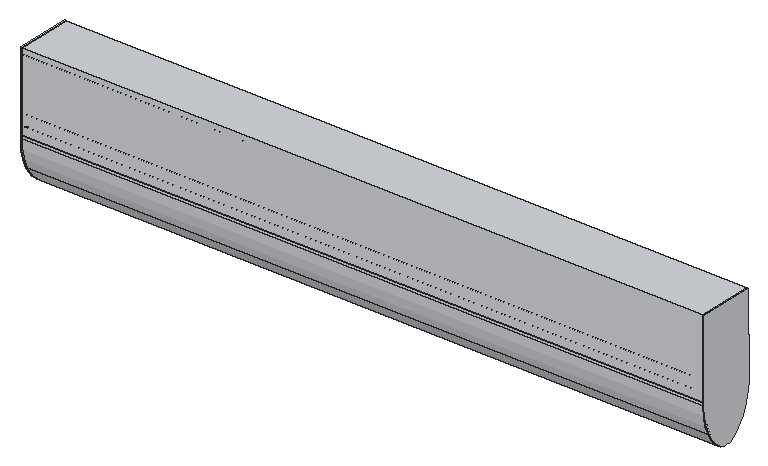
Revit family "CRTD-3523", category Lighting Fixtures, host Ceiling, Revit 2019
Family settings
  Host = Ceiling
  Round Connector Dimension = Use Diameter
  Part Type = Normal
  OmniClass Number = 23.80.70.11
  OmniClass Title = Luminaries for Internal Lighting
  Always vertical = Yes
  Cut with Voids When Loaded = No
  Light Source = Yes
  Shared = No
  Room Calculation Point = No
Parameters (values of type "CRTD-3523 24-LED840K26LUNV")
  Wattage = 18 W
  built-in parameter 1150110 = 1 (stored number, unit not read)
  Voltage = 120 V
  URL = ""
  built-in parameter 1114217 = 1 (stored number, unit not read)
  Tilt Angle = 90.00°
  built-in parameter 1150109 = 1 (stored number, unit not read)
  built-in parameter 1150134 = 12
  built-in parameter 1150113 = 1 (stored number, unit not read)
  Photometric Web File = "CRTD24-LED840K026LUNV.ies"
  Model = "CRTD-3523"  # constant formula
  Manufacturer = "CERTOLUX by VISCOR"  # constant formula
  Lumens = 2628 lm
  built-in parameter 1150115 = 1 (stored number, unit not read)
  built-in parameter 1150105 = 209.13 (stored number, unit not read)
  built-in parameter 1150137 = (empty or 0)
  built-in parameter 1150139 = (empty or 0)
  Lens Finish = Acrylic - Viscor - Frosted Round
  Length = 2' - 0"
  Lamp Wattage = 18 VA
  built-in parameter 1150112 = 1 (stored number, unit not read)
  built-in parameter 1150114 = 1 (stored number, unit not read)
  Lamp = "LED"  # constant formula
  built-in parameter 1150132 = (empty or 0)
  built-in parameter 1150102 = (empty or 0)
  built-in parameter 1150138 = (empty or 0)
  built-in parameter 1150107 = 4000 (stored number, unit not read)
  built-in parameter 1150106 = 2.0913 (stored number, unit not read)
  Housing Finish = Metal - Viscor - White
  Emit from Line Length = Length  # 2' - 0"
  built-in parameter 1150104 = 13.564 (stored number, unit not read)
  Dimming Lamp Color Temperature Shift = <None>
  Description = "LED Cleanroom Tear Drop Surface"  # constant formula
  Color Filter = 16777215
  built-in parameter 1114218 = 1 (stored number, unit not read)
  built-in parameter 1150133 = 10 (stored number, unit not read)
  Assembly Code = ""
  Apparent Load = Lamp Wattage  # 18 VA
Types (3): name | Wattage | URL | built-in parameter 1114217 | Photometric Web File | Lumens | built-in parameter 1150105 | Length | Lamp Wattage | built-in parameter 1150106 | Emit from Line Length | built-in parameter 1150104 | Assembly Code | Apparent Load
  (no name) | 18 W | "" | 1 (stored number, unit not read) | "CRTD24-LED840K026LUNV.ies" | 2628 lm | 209.13 (stored number, unit not read) | 2' - 0" | 18 VA | 2.0913 (stored number, unit not read) | 2' - 0" | 13.564 (stored number, unit not read) | "" | 18 VA
  CRTD-3523 48-LED840K52LUNV | 35 W | "https://www.viscor.com/en/products/crtd-3523" | 0.9 (stored number, unit not read) | "CRTD48-LED840K052LUNV.ies" | 5250 lm | 417.78 (stored number, unit not read) | 4' - 0" | 35 VA | 4.1778 (stored number, unit not read) | 4' - 0" | 13.935 (stored number, unit not read) | "D5020200" | 35 VA
  CRTD-3523 24-LED840K26LUNV | 18 W | "" | 1 (stored number, unit not read) | "CRTD24-LED840K026LUNV.ies" | 2628 lm | 209.13 (stored number, unit not read) | 2' - 0" | 18 VA | 2.0913 (stored number, unit not read) | 2' - 0" | 13.564 (stored number, unit not read) | "" | 18 VA
Reference planes (in)
  plane 1 "Light Source Axis (F/B)": y = 0
  plane 2 "Ceiling": z = 96
  plane 3 "Light Source Axis (L/R)": x = 0
  plane 4 "Light Source Elevation": z = 92
  plane 5: x = -12
  plane 6: x = 12
  plane 7: x = 11.952
  plane 8: x = -11.952
Forms (in)
  Extrusion 1, solid
    sketch origin (0, 0, 0) x (0, 1, 0) y (0, 0, 1)
      loop
        line (0.96875, 95.78268) -> (-0.96875, 95.78268) -> (-0.96875, 92.91268)
        arc (-0.96875, 92.91268) -> (-0.90696, 92.38899) -> (-0.72497, 91.89407) r 2.25
        arc (-0.72497, 91.89407) -> (-0.5437, 91.61754) -> (-0.30625, 91.38745) r 1.5
        arc (-0.30625, 91.38745) -> (0, 91.28268) -> (0.30625, 91.38745) r 0.5
        arc (0.30625, 91.38745) -> (0.5437, 91.61754) -> (0.72497, 91.89407) r 1.5
        arc (0.72497, 91.89407) -> (0.90696, 92.38899) -> (0.96875, 92.91268) r 2.25
        line (0.96875, 92.91268) -> (0.96875, 95.78268)
    from 11.952 to 12
  Extrusion 2, solid
    sketch origin (0, 0, 0) x (0, 1, 0) y (0, 0, -1)
      loop
        line (0.96875, -95.78268) -> (0.96875, -92.91268)
        arc (0.96875, -92.91268) -> (0.90696, -92.38899) -> (0.72497, -91.89407) r 2.25
        arc (0.72497, -91.89407) -> (0.5437, -91.61754) -> (0.30625, -91.38745) r 1.5
        arc (0.30625, -91.38745) -> (0, -91.28268) -> (-0.30625, -91.38745) r 0.5
        arc (-0.30625, -91.38745) -> (-0.5437, -91.61754) -> (-0.72497, -91.89407) r 1.5
        arc (-0.72497, -91.89407) -> (-0.90696, -92.38899) -> (-0.96875, -92.91268) r 2.25
        line (-0.96875, -92.91268) -> (-0.96875, -95.78268) -> (0.96875, -95.78268)
    from 11.952 to 12
  Extrusion 3, solid
    sketch origin (0, 0, 0) x (0, 1, 0) y (0, 0, 1)
      loop
        line (0.96875, 95.78268) -> (-0.96875, 95.78268) -> (-0.96875, 93.03268) -> (-0.91875, 93.03268) -> (-0.93875, 93.10868) -> (-0.79875, 93.10868) -> (-0.81875, 93.03268) -> (-0.76875, 93.03268) -> (-0.76875, 93.20522) -> (-0.88875, 93.17315) -> (-0.88875, 93.36482)
        arc (-0.88875, 93.36482) -> (-0.6668, 93.47376) -> (-0.89418, 93.57086) r 0.136
        arc (-0.89418, 93.57086) -> (-0.90485, 93.58181) -> (-0.90875, 93.59659) r 0.03
        line (-0.90875, 93.59659) -> (-0.90875, 93.65268) -> (-0.81589, 93.65268) -> (-0.78125, 93.71268) -> (-0.90875, 93.71268) -> (-0.90875, 93.78268) -> (-0.76875, 93.78268) -> (-0.76875, 93.84268) -> (-0.90875, 93.84268) -> (-0.90875, 94.02768) -> (-0.81589, 94.02768) -> (-0.78125, 94.08768) -> (-0.90875, 94.08768) -> (-0.90875, 94.15768) -> (-0.76875, 94.15768) -> (-0.76875, 94.21768) -> (-0.90875, 94.21768) -> (-0.90875, 94.65268) -> (-0.81589, 94.65268) -> (-0.78125, 94.71268) -> (-0.90875, 94.71268) -> (-0.90875, 94.78268) -> (-0.76875, 94.78268) -> (-0.76875, 94.84268) -> (-0.90875, 94.84268) -> (-0.90875, 95.53148)
        arc (-0.90875, 95.53148) -> (-0.71715, 95.511) -> (-0.69739, 95.70268) r 0.136
        line (-0.69739, 95.70268) -> (0.69739, 95.70268)
        arc (0.69739, 95.70268) -> (0.71715, 95.511) -> (0.90875, 95.53148) r 0.136
        line (0.90875, 95.53148) -> (0.90875, 94.84268) -> (0.76875, 94.84268) -> (0.76875, 94.78268) -> (0.90875, 94.78268) -> (0.90875, 94.71268) -> (0.78125, 94.71268) -> (0.81589, 94.65268) -> (0.90875, 94.65268) -> (0.90875, 94.21768) -> (0.76875, 94.21768) -> (0.76875, 94.15768) -> (0.90875, 94.15768) -> (0.90875, 94.08768) -> (0.78125, 94.08768) -> (0.81589, 94.02768) -> (0.90875, 94.02768) -> (0.90875, 93.84268) -> (0.76875, 93.84268) -> (0.76875, 93.78268) -> (0.90875, 93.78268) -> (0.90875, 93.71268) -> (0.78125, 93.71268) -> (0.81589, 93.65268) -> (0.90875, 93.65268) -> (0.90875, 93.59659)
        arc (0.90875, 93.59659) -> (0.90485, 93.58181) -> (0.89418, 93.57086) r 0.03
        arc (0.89418, 93.57086) -> (0.6668, 93.47376) -> (0.88875, 93.36482) r 0.136
        line (0.88875, 93.36482) -> (0.88875, 93.17315) -> (0.771, 93.20461) -> (0.771, 93.03268) -> (0.81875, 93.03268) -> (0.79875, 93.10868) -> (0.93875, 93.10868) -> (0.91875, 93.03268) -> (0.96875, 93.03268) -> (0.96875, 95.78268)
    from -11.952 to 11.952
  Extrusion 4, solid
    sketch origin (0, 0, 0) x (0, 1, 0) y (0, 0, 1)
      loop
        line (0.96875, 92.91268) -> (0.96875, 93.01768) -> (0.771, 93.01768) -> (0.771, 93.20987)
        arc (0.771, 93.20987) -> (0.78058, 93.22578) -> (0.79913, 93.22475) r 0.018
        arc (0.79913, 93.22475) -> (0.84327, 93.23706) -> (0.82376, 93.27853) r 0.03
        line (0.82376, 93.27853) -> (0.73618, 93.302)
        arc (0.73618, 93.302) -> (0.71882, 93.29855) -> (0.711, 93.28268) r 0.02
        line (0.711, 93.28268) -> (0.711, 92.96768)
        arc (0.711, 92.96768) -> (0.71979, 92.94647) -> (0.741, 92.93768) r 0.03
        line (0.741, 92.93768) -> (0.88875, 92.93768)
        arc (0.88875, 92.93768) -> (0.83217, 92.41975) -> (0.65377, 91.93022) r 2.17014
        arc (0.65377, 91.93022) -> (0.48215, 91.66842) -> (0.25734, 91.45057) r 1.42014
        arc (0.25734, 91.45057) -> (0, 91.36254) -> (-0.25734, 91.45057) r 0.42014
        arc (-0.25734, 91.45057) -> (-0.48215, 91.66842) -> (-0.65377, 91.93022) r 1.42014
        arc (-0.65377, 91.93022) -> (-0.83217, 92.41975) -> (-0.88875, 92.93768) r 2.17014
        line (-0.88875, 92.93768) -> (-0.741, 92.93768)
        arc (-0.741, 92.93768) -> (-0.71979, 92.94647) -> (-0.711, 92.96768) r 0.03
        line (-0.711, 92.96768) -> (-0.711, 93.28268)
        arc (-0.711, 93.28268) -> (-0.71882, 93.29855) -> (-0.73618, 93.302) r 0.02
        line (-0.73618, 93.302) -> (-0.82376, 93.27853)
        arc (-0.82376, 93.27853) -> (-0.84327, 93.23706) -> (-0.79912, 93.22475) r 0.03
        arc (-0.79912, 93.22475) -> (-0.78058, 93.22578) -> (-0.771, 93.20987) r 0.018
        line (-0.771, 93.20987) -> (-0.771, 93.01768) -> (-0.96875, 93.01768) -> (-0.96875, 92.91268)
        arc (-0.96875, 92.91268) -> (-0.90696, 92.38899) -> (-0.72497, 91.89407) r 2.25
        arc (-0.72497, 91.89407) -> (-0.5437, 91.61754) -> (-0.30625, 91.38745) r 1.5
        arc (-0.30625, 91.38745) -> (0, 91.28268) -> (0.30625, 91.38745) r 0.5
        arc (0.30625, 91.38745) -> (0.5437, 91.61754) -> (0.72497, 91.89407) r 1.5
        arc (0.72497, 91.89407) -> (0.90696, 92.38899) -> (0.96875, 92.91268) r 2.25
    from -11.952 to 11.952
Dimensions and locks (in)
  equal spacing: host sketch curve, plane 3 "Light Source Axis (L/R)", host sketch curve
  equal spacing: host sketch curve, plane 1 "Light Source Axis (F/B)", host sketch curve
  host sketch curve to host sketch curve = 10' - 0"  (x2)
  equal spacing: plane 5, plane 3 "Light Source Axis (L/R)", plane 6
  "Length": plane 5 to plane 6
  plane 7 to plane 6 = 0' - 0.048"
  locked: plane 8 to plane 5 at 0.048
  Extrusion 3 to Extrusion 4 = 0' - 1 15/16"  (x7)
  aligned and locked: plane 3 "Light Source Axis (L/R)" to imposter light
  aligned and locked: plane 1 "Light Source Axis (F/B)" to imposter light
  aligned and locked: plane 4 "Light Source Elevation" to imposter light
  aligned and locked: plane 6 to Extrusion 1
  aligned and locked: Extrusion 1 to plane 7
  aligned and locked: Extrusion 2 to plane 5
  aligned and locked: plane 8 to Extrusion 2
  aligned and locked: Extrusion 3 sketch curve to import instance
  aligned and locked: plane 7 to Extrusion 3
  aligned and locked: Extrusion 3 to plane 8
  aligned and locked: Extrusion 4 to plane 8
  aligned and locked: plane 7 to Extrusion 4
Automatic sketch dimensions
  Extrusion 1 sketch curve to plane 1 "Light Source Axis (F/B)" = 0' - 0"
  plane 1 "Light Source Axis (F/B)" to Extrusion 1 sketch curve = 0' - 0.61251"
  Extrusion 1 sketch curve to plane 2 "Ceiling" = 0' - 0.21732"
  plane 1 "Light Source Axis (F/B)" to Extrusion 1 sketch curve = 0' - 0 31/32"
  Extrusion 1 sketch curve to Extrusion 1 sketch curve = 0' - 0 5/16"  (x2)
  Extrusion 1 sketch curve to plane 1 "Light Source Axis (F/B)" = 0' - 0.61251"
  Extrusion 1 sketch curve to plane 1 "Light Source Axis (F/B)" = 0' - 0 31/32"
  Extrusion 1 sketch curve to plane 4 "Light Source Elevation" = 0' - 0.91268"
  Extrusion 1 sketch curve to Extrusion 1 sketch curve = 0' - 0"  (x3)
  Extrusion 1 sketch curve to Extrusion 1 sketch curve = 0' - 0.33954"  (x2)
  plane 4 "Light Source Elevation" to Extrusion 1 sketch curve = 0' - 0.21732"
  plane 1 "Light Source Axis (F/B)" to Extrusion 1 sketch curve = 0' - 0.30625"
  Extrusion 2 sketch curve to plane 1 "Light Source Axis (F/B)" = 0' - 0"
  plane 1 "Light Source Axis (F/B)" to Extrusion 2 sketch curve = 0' - 0.61251"
  Extrusion 2 sketch curve to plane 2 "Ceiling" = 0' - 0.21732"
  plane 1 "Light Source Axis (F/B)" to Extrusion 2 sketch curve = 0' - 0 31/32"
  Extrusion 2 sketch curve to Extrusion 2 sketch curve = 0' - 0 5/16"  (x2)
  Extrusion 2 sketch curve to plane 1 "Light Source Axis (F/B)" = 0' - 0.61251"
  Extrusion 2 sketch curve to plane 1 "Light Source Axis (F/B)" = 0' - 0 31/32"
  Extrusion 2 sketch curve to plane 4 "Light Source Elevation" = 0' - 0.91268"
  Extrusion 2 sketch curve to Extrusion 2 sketch curve = 0' - 0"  (x3)
  Extrusion 2 sketch curve to Extrusion 2 sketch curve = 0' - 0.33954"  (x2)
  plane 4 "Light Source Elevation" to Extrusion 2 sketch curve = 0' - 0.21732"
  plane 1 "Light Source Axis (F/B)" to Extrusion 2 sketch curve = 0' - 0.30625"
  Extrusion 3 sketch curve to plane 2 "Ceiling" = 0' - 0.21732"
  plane 1 "Light Source Axis (F/B)" to Extrusion 3 sketch curve = 0' - 0 31/32"
  Extrusion 3 sketch curve to Extrusion 3 sketch curve = 0' - 0.03"  (x3)
  Extrusion 3 sketch curve to Extrusion 3 sketch curve = 0' - 0.05"  (x3)
  plane 1 "Light Source Axis (F/B)" to Extrusion 3 sketch curve = 0' - 0.90875"
  Extrusion 3 sketch curve to Extrusion 3 sketch curve = 0' - 0"  (x14)
  Extrusion 3 sketch curve to Extrusion 3 sketch curve = 0' - 0.06"  (x13)
  Extrusion 3 sketch curve to Extrusion 3 sketch curve = 0' - 0.09286"  (x3)
  Extrusion 3 sketch curve to Extrusion 3 sketch curve = 0' - 0.06286"  (x2)
  Extrusion 3 sketch curve to Extrusion 3 sketch curve = 0' - 0.086"
  Extrusion 3 sketch curve to Extrusion 3 sketch curve = 0' - 0.106"
  Extrusion 3 sketch curve to Extrusion 3 sketch curve = 0' - 0.09"  (x2)
  Extrusion 3 sketch curve to Extrusion 3 sketch curve = 0' - 0.03464"  (x6)
  Extrusion 3 sketch curve to Extrusion 3 sketch curve = 0' - 0.0125"  (x6)
  Extrusion 3 sketch curve to Extrusion 3 sketch curve = 0' - 0.10536"  (x3)
  Extrusion 3 sketch curve to plane 2 "Ceiling" = 0' - 0.29732"
  Extrusion 3 sketch curve to plane 1 "Light Source Axis (F/B)" = 0' - 0.69739"
  Extrusion 3 sketch curve to plane 1 "Light Source Axis (F/B)" = 0' - 0.76875"
  Extrusion 3 sketch curve to Extrusion 3 sketch curve = 0' - 0.00225"
  Extrusion 3 sketch curve to Extrusion 3 sketch curve = 0' - 0.02775"
  Extrusion 3 sketch curve to Extrusion 3 sketch curve = 0' - 0.0215"
  Extrusion 3 sketch curve to Extrusion 3 sketch curve = 0' - 0.04775"
  Extrusion 3 sketch curve to Extrusion 3 sketch curve = 0' - 0.14"
  Extrusion 3 sketch curve to Extrusion 3 sketch curve = 0' - 0.1"
  Extrusion 3 sketch curve to Extrusion 3 sketch curve = 0' - 0.02"
  Extrusion 3 sketch curve to Extrusion 3 sketch curve = 0' - 0.166"
  Extrusion 3 sketch curve to Extrusion 3 sketch curve = 0' - 1.05"
  Extrusion 3 sketch curve to Extrusion 3 sketch curve = 0' - 0.435"  (x2)
  Extrusion 3 sketch curve to Extrusion 3 sketch curve = 0' - 0.07"  (x5)
  Extrusion 3 sketch curve to Extrusion 3 sketch curve = 0' - 0.185"  (x2)
  Extrusion 3 sketch curve to Extrusion 3 sketch curve = 0' - 0.05609"  (x2)
  Extrusion 3 sketch curve to Extrusion 3 sketch curve = 0' - 0.12641"  (x2)
  Extrusion 3 sketch curve to Extrusion 3 sketch curve = 0' - 0.15961"
  Extrusion 3 sketch curve to Extrusion 3 sketch curve = 0' - 0.26557"
  Extrusion 3 sketch curve to Extrusion 3 sketch curve = 0' - 0.03207"
  Extrusion 3 sketch curve to Extrusion 3 sketch curve = 0' - 0.03147"
  Extrusion 3 sketch curve to Extrusion 3 sketch curve = 0' - 0.06446"  (x2)
  Extrusion 3 sketch curve to Extrusion 3 sketch curve = 0' - 0.076"  (x4)
  Extrusion 3 sketch curve to Extrusion 3 sketch curve = 0' - 0.25121"  (x2)
  Extrusion 3 sketch curve to Extrusion 3 sketch curve = 0' - 0.01457"
  Extrusion 3 sketch curve to Extrusion 3 sketch curve = 0' - 0 3/4"
  Extrusion 4 sketch curve to Extrusion 4 sketch curve = 0' - 0"  (x16)
  Extrusion 4 sketch curve to plane 1 "Light Source Axis (F/B)" = 0' - 0"
  plane 1 "Light Source Axis (F/B)" to Extrusion 4 sketch curve = 0' - 0.61251"
  plane 1 "Light Source Axis (F/B)" to Extrusion 4 sketch curve = 0' - 0.711"
  Extrusion 4 sketch curve to Extrusion 4 sketch curve = 0' - 0.02"  (x2)
  Extrusion 4 sketch curve to Extrusion 4 sketch curve = 0' - 0.00518"  (x2)
  Extrusion 4 sketch curve to Extrusion 4 sketch curve = 0' - 0.03"  (x4)
  Extrusion 4 sketch curve to Extrusion 4 sketch curve = 0' - 0.018"  (x2)
  Extrusion 4 sketch curve to Extrusion 4 sketch curve = 0' - 0.027"  (x2)
  Extrusion 4 sketch curve to Extrusion 4 sketch curve = 0' - 0.00776"  (x2)
  Extrusion 4 sketch curve to Extrusion 4 sketch curve = 0' - 0.11775"  (x2)
  Extrusion 4 sketch curve to plane 1 "Light Source Axis (F/B)" = 0' - 0.61251"
  Extrusion 4 sketch curve to Extrusion 4 sketch curve = 0' - 0.3925"
  plane 4 "Light Source Elevation" to Extrusion 4 sketch curve = 0' - 0.21732"
  Extrusion 4 sketch curve to plane 4 "Light Source Elevation" = 0' - 0.57315"  (x2)
  Extrusion 4 sketch curve to Extrusion 4 sketch curve = 0' - 0.33954"
  Extrusion 4 sketch curve to Extrusion 4 sketch curve = 0' - 0.025"  (x2)
  Extrusion 4 sketch curve to Extrusion 4 sketch curve = 0' - 0.19219"  (x2)
  Extrusion 4 sketch curve to Extrusion 4 sketch curve = 0' - 0.03969"  (x2)
  Extrusion 4 sketch curve to Extrusion 4 sketch curve = 0' - 0.02898"  (x2)
  Extrusion 4 sketch curve to Extrusion 4 sketch curve = 0' - 0.07281"  (x2)
  plane 1 "Light Source Axis (F/B)" to Extrusion 4 sketch curve = 0' - 0.25734"
  Extrusion 4 sketch curve to Extrusion 4 sketch curve = 0' - 0.04891"
  Extrusion 4 sketch curve to Extrusion 4 sketch curve = 0' - 0.08"  (x2)
  Extrusion 4 sketch curve to Extrusion 4 sketch curve = 0' - 0 5/16"
  Extrusion 4 sketch curve to Extrusion 4 sketch curve = 0' - 0.05"  (x2)
Connectors (in)
  electrical at (0, 0, 92), driven by "Voltage", driven by "Lamp Wattage"
    settings: index 1, voltage 120 V, apparent load 0 VA, apparent load phase1 18 VA, apparent load phase2 0 VA, apparent load phase3 0 VA, power factor 1, load classification "Other", number of poles 1, system type 31, power factor state 1, is connector primary yes, connector utility no, sub classification motor no, connector description ""
